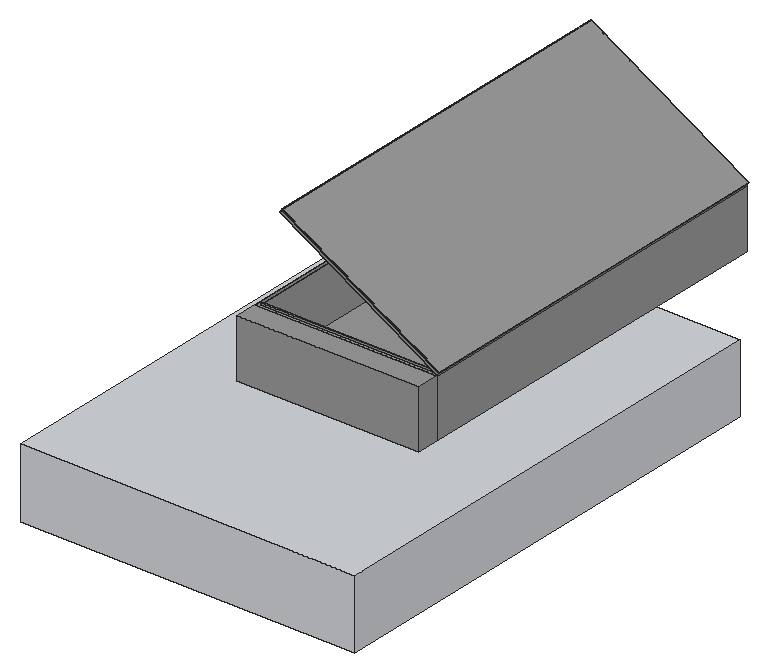
Revit family "Hager-Univers-IP55-D275-H1800-Cl.II-Steel_encl-NoHosted-AT-de", category Equipement électrique, Revit 2020
Family settings
  Hôte = Face
  Configuration du panneau = Deux colonnes, circuits au sein
  Cote de connecteur circulaire = Utiliser le diamètre
  Type d'élément = Tableau de raccordement
  Couper avec des vides une fois chargée = Non
  Partagée = Non
  Point de calcul de pièce = Non
Parameters (values of type "Bodenaufstellung IP55 B800 H1800 T275  - FR13S1")
  Width Control [instance] = if([EF000008 - Breite] > Min Width, [EF000008 - Breite], Min Width)  # 800 mm
  Commentaires du type = [HG000003 - Bereich]  # "Univers"
  Thickness Door [instance] = if([EF009171 - Materialstärke Tür/Deckel] > 3 mm, 3 mm, [EF009171 - Materialstärke Tür/Deckel])  # 1.5 mm
  Seal Frame Offset [instance] = 17 mm  # constant formula
  Plinth Visibility [instance] = [HG000027 - Sockelhöhe] > 0 mm  # yes
  Model = ""
  Min Width [instance] = 100 mm  # constant formula
  Min Height [instance] = 100 mm  # constant formula
  Min Depth [instance] = (2 * [EF009170 - Materialstärke Gehäuse]) + 1 mm  # 4 mm
  Internal Frame Depth [instance] = (Door System Depth * 0.5)  # 9 mm
  Height Control [instance] = if([EF000040 - Höhe] > Min Height, [EF000040 - Höhe], Min Height)  # 1800 mm
  HG000027 - Sockelhöhe = 100 mm
  HG000026 - Stehend auf dem Boden = yes
  HG000024 - Höhe des unteren Teils = 800 mm
  HG000023 - Gehäuse mit doppeltem Querschnitt = no
  HG000016 - 3D-Türsichtbarkeit [instance] = yes
  HG000015 - Sichtbarkeit der Türöffnung [instance] = no
  HG000014 - Tür rechts [instance] = yes
  HG000013 - Tür links [instance] = not([HG000014 - Tür rechts])  # no
  HG000012 - Türschwenkwinkel [instance] = 30.00°
  HG000010 - Asymmetrische Türen = no
  HG000009 - Doppelflügeligen Tür = no
  HG000006 - Unterputz = no
  HG000004 - Herstellerreferenz = "FR13S1"
  HG000003 - Bereich = "Univers"
  HG000002 - Mit tür = yes
  Frame Offset Bottom [instance] = 10 mm  # constant formula
  Frame Offset [instance] = 15 mm  # constant formula
  EF015940 - Deckel mit Überdruckentlastung = no
  EF011959 - Schutzart (NEMA) = ""
  EF009554 - Anzahl der Öffnungen für Flanschplatten = 6
  Fabricant = "Hager"  # constant formula
  EF009212 - Ausführung Deckel = "EV000116 - geschlossen"
  EF009171 - Materialstärke Tür/Deckel = 1.5 mm
  EF009170 - Materialstärke Gehäuse = 1.5 mm
  EF008873 - Nennstrom (In) = 800 A
  EF007800 - Geeignet für Blitzschutz = no
  EF006306 - Mit Schloss = no
  EF006244 - Transparenter Deckel/Tür = no
  EF005474 - Schutzart (IP) = "EV006420 - IP55"
  EF004464 - Art der Tür = "EV002646 - Einzel"
  EF004427 - Anzahl der Module = 396
  EF004293 - Schlagfestigkeit = "EV008784 - IK10"
  EF003532 - Geeignet für Außengebrauch = no
  EF002950 - Breite in Teilungseinheiten = 24
  EF001613 - Funktionserhalt = "EV000494 - ohne"
  EF001596 - Werkstoff des Gehäuses = "EV000179 - Stahl"
  EF001131 - Innentiefe = 275 mm
  EF001088 - Anbaumöglichkeit = yes
  EF000437 - Anzahl der Leitungseinführungen = 6
  EF000339 - Art der Abdeckung = "EV004216 - Tür"
  EF000266 - Anzahl der Reihen = 11
  EF000218 - Einbautiefe = 0 mm
  EF000118 - Mit Montageplatte = no
  EF000116 - RAL-Nummer = "7035"
  EF000049 - Tiefe = 275 mm
  EF000040 - Höhe = 1800 mm
  EF000008 - Breite = 800 mm
  EF000007 - Farbe = "EV000270 - grau"
  EF000003 - Montageart = "EV012274 - Bodenaufstellung"
  Door System Leaf Tolerance [instance] = 1.5 mm  # constant formula
  Door System Depth [instance] = 18 mm  # constant formula
  Door Height [instance] = Height Control - [HG000027 - Sockelhöhe]  # 1700 mm
  Depth Control [instance] = if([EF000049 - Tiefe] > Min Depth, [EF000049 - Tiefe], Min Depth)  # 275 mm
  Default Elevation = 0 mm
  Connector Offset [instance] = Height Control / 2  # 900 mm
  Bottom Top Plate Trim [instance] = 1.5 mm  # constant formula
  Plinth height Ctrl [instance] = if([HG000027 - Sockelhöhe] > 0 mm, [HG000027 - Sockelhöhe], 12 mm)  # 100 mm
Types (5, lengths in mm): name | Width Control | HG000010 - Asymmetrische Türen | HG000009 - Doppelflügeligen Tür | HG000004 - Herstellerreferenz | EF009554 - Anzahl der Öffnungen für Flanschplatten | EF004464 - Art der Tür | EF004427 - Anzahl der Module | EF000437 - Anzahl der Leitungseinführungen | EF000008 - Breite
  Bodenaufstellung IP55 B1050 H1800 T275  - FR14S1 | 1050 | yes | yes | "FR14S1" | 8 | "EV003602 - Doppel" | 528 | 8 | 1050
  Bodenaufstellung IP55 B1300 H1800 T275  - FR15S1 | 1300 | yes | yes | "FR15S1" | 10 | "EV003602 - Doppel" | 660 | 10 | 1300
  Bodenaufstellung IP55 B300 H1800 T275  - FR11S1 | 300 | no | no | "FR11S1" | 2 | "EV002646 - Einzel" | 132 | 2 | 300
  Bodenaufstellung IP55 B550 H1800 T275  - FR12S1 | 550 | no | no | "FR12S1" | 4 | "EV002646 - Einzel" | 264 | 4 | 550
  Bodenaufstellung IP55 B800 H1800 T275  - FR13S1 | 800 | no | no | "FR13S1" | 6 | "EV002646 - Einzel" | 396 | 6 | 800
Reference planes
  plane 1 "Center (Front/Back)": y = 0
  plane 2: z = 0
  plane 3 "Center (Left/Right)": x = 0
  plane 4: z = 275
  plane 5: y = 101.5
  plane 6: y = 950
  plane 7: y = 100
  plane 8: y = 1800
  plane 9: z = 0
  plane 10: x = -385
  plane 11: x = 385
  plane 12: x = 383.5
  plane 13: x = -383.5
  plane 14: y = 1798.5
  plane 15: x = -383
  plane 16: x = -400
  plane 17: x = 383
  plane 18: x = 400
  plane 19: x = 398.5
  plane 20: x = -398.5
  plane 21: y = 111.5
  plane 22: y = 1800
  plane 23: y = 1783.5
  plane 24: z = 257
  plane 25: z = 1.5
  plane 26: z = 255.5
  plane 27: z = 273.5
Forms (mm)
  Extrusion 1, solid
    sketch origin (0, 0, 0) x (1, 0, 0) y (0, 1, 0)
      loop
        line (-702.964, 1305) -> (-702.964, -811.445) -> (766.763, -811.445) -> (766.763, 1305) -> (-702.964, 1305)
    from 0 to -304.8
  Extrusion 2, solid, material "Hager_Steel_RAL7035_Light_Grey", visible <- "Plinth Visibility", detail levels medium+fine
    sketch origin (0, 0, 0) x (1, 0, 0) y (0, 1, 0)
      loop
        line (-400, 0) -> (400, 0) -> (400, 100) -> (-400, 100) -> (-400, 0)
    from 0 to 257
  Extrusion 3, solid, material "Hager_Steel_RAL7035_Light_Grey", detail levels medium+fine
    sketch origin (0, 0, 0) x (1, 0, 0) y (0, 1, 0)
      loop
        line (-400, 100) -> (400, 100) -> (400, 1800) -> (-400, 1800) -> (-400, 100)
    from 0 to 257
  Extrusion 4, void
    sketch origin (0, 0, 0) x (1, 0, 0) y (0, 1, 0)
      loop
        line (-398.5, 101.5) -> (398.5, 101.5) -> (398.5, 1798.5) -> (-398.5, 1798.5) -> (-398.5, 101.5)
    from 1.5 to 255.5
  Extrusion 5, void
    sketch origin (-381.607, -4572, 257) x (0, -1, 0) y (-1, 0, 0)
      loop
        line (-4683.5, 1.893) -> (-6355.5, 1.893) -> (-6355.5, -765.107) -> (-4683.5, -765.107) -> (-4683.5, 1.893)
    from 0 to 1.5 <- "EF009170 - Materialstärke Gehäuse"
  Extrusion 6, solid, material "Hager_Steel_RAL7035_Light_Grey", detail levels fine
    sketch origin (0, 0, 257) x (1, 0, 0) y (0, 1, 0)
      loop
        line (-383.5, 1783.5) -> (-383.5, 111.5) -> (383.5, 111.5) -> (383.5, 1783.5) -> (-383.5, 1783.5)
      loop
        line (-385, 110) -> (385, 110) -> (385, 1785) -> (-385, 1785) -> (-385, 110)
    from 0 to 9 <- "Internal Frame Depth"
  Extrusion 7, solid, material "Hager_Steel_RAL7035_Light_Grey", detail levels coarse
    sketch origin (0, 0, 0) x (1, 0, 0) y (0, 1, 0)
      loop
        line (-400, 0) -> (400, 0) -> (400, 1800) -> (-400, 1800) -> (-400, 0)
    from 0 to 275
  Sweep 8, void
    path in 3D
      loop
        line (-400, 100, 0) -> (400, 100, 0) -> (400, 100, 257) -> (-400, 100, 257) -> (-400, 100, 0)
    profile origin (-400, 100, 128.5) x (-1, 0, 0) y (0, -1, 0)
      loop
        line (0, 0) -> (0, 1.5) -> (-1.5, 1.5)
        arc (-1.5, 1.5) -> (-1.061, 0.439) -> (0, 0) r 1.5
Cuts and joins
  Extrusion 4, Extrusion 5 cuts Extrusion 3
  Sweep 8 cuts Extrusion 2
Lines and regions (mm)
  Masking region 1
    outline origin (0, 0, 0) x (1, 0, 0) y (0, 0, 1)
      loop
        line (-400, 275) -> (-400, 0) -> (400, 0) -> (400, 275) -> (-400, 275)
  Masking region 2, detail levels medium+fine
    outline origin (0, 140, 0) x (0, 1, 0) y (0, 0, 1)
      loop
        line (-40, 0) -> (1660, 0) -> (1660, 257) -> (-40, 257) -> (-40, 0)
  Masking region 3, not visible, detail levels medium+fine
    outline origin (0, 297.922, 0) x (0, 1, 0) y (0, 0, 1)
      loop
        line (663.578, 0) -> (703.578, 0) -> (703.578, 263.5)
        arc (703.578, 263.5) -> (700.649, 270.571) -> (693.578, 273.5) r 10
        line (693.578, 273.5) -> (663.578, 273.5) -> (663.578, 0)
  Masking region 4, detail levels coarse
    outline origin (0, 0, 180) x (0, 1, 0) y (0, 0, 1)
      loop
        line (0, -180) -> (1800, -180) -> (1800, 95) -> (0, 95) -> (0, -180)
  Masking region 5, visible <- "Plinth Visibility", detail levels medium+fine
    outline origin (0, 52.24, 12.345) x (0, 0, -1) y (0, 1, 0)
      loop
        line (10.845, 47.76) -> (-243.155, 47.76)
        arc (-243.155, 47.76) -> (-243.594, 46.699) -> (-244.655, 46.26) r 1.5
        line (-244.655, 46.26) -> (-244.655, -52.24) -> (12.345, -52.24) -> (12.345, 46.26)
        arc (12.345, 46.26) -> (11.285, 46.699) -> (10.845, 47.76) r 1.5
  Masking region 6, detail levels medium+fine
    outline origin (-381.607, -4572, 257) x (-1, 0, 0) y (0, -1, 0)
      loop
        line (18.393, -6372) -> (18.393, -4672) -> (-781.607, -4672) -> (-781.607, -6372) -> (18.393, -6372)
  Masking region 7, visible <- "Plinth Visibility", detail levels medium+fine
    outline origin (-381.607, -4727, 257) x (-1, 0, 0) y (0, -1, 0)
      loop
        arc (16.893, -4827) -> (17.332, -4825.939) -> (18.393, -4825.5) r 1.5
        line (18.393, -4825.5) -> (18.393, -4727) -> (-781.607, -4727) -> (-781.607, -4825.5)
        arc (-781.607, -4825.5) -> (-780.546, -4825.939) -> (-780.107, -4827) r 1.5
        line (-780.107, -4827) -> (16.893, -4827)
  Masking region 8, detail levels coarse
    outline origin (-442.548, -4669.526, 257) x (-1, 0, 0) y (0, -1, 0)
      loop
        line (-42.548, -6469.526) -> (-42.548, -4669.526) -> (-842.548, -4669.526) -> (-842.548, -6469.526) -> (-42.548, -6469.526)
  sketch lines
    curve 1: line (-400, 100, 257) -> (-400, 100, 0)
    curve 2: line (400, 100, 257) -> (-400, 100, 257)
    curve 3: line (400, 100, 257) -> (400, 100, 0)
    curve 4: line (-400, 100, 0) -> (400, 100, 0)
Dimensions and locks
  "Depth Control": plane 4 to Extrusion 1
  "HG000027 - Sockelhöhe": plane 1 "Center (Front/Back)" to plane 7
  "EF009170 - Materialstärke Gehäuse": plane 5 to plane 7
  locked: connector elem to plane 3 "Center (Left/Right)"
  equal spacing: plane 8, plane 6, plane 7
  locked: connector elem to plane 6
  "EF009170 - Materialstärke Gehäuse": plane 8 to plane 14
  "EF009170 - Materialstärke Gehäuse": plane 10 to plane 13
  "EF009170 - Materialstärke Gehäuse": plane 12 to plane 11
  "Frame Offset": plane 20 to plane 13
  "Frame Offset": plane 12 to plane 19
  "EF009170 - Materialstärke Gehäuse": plane 16 to plane 20
  "EF009170 - Materialstärke Gehäuse": plane 19 to plane 18
  "Seal Frame Offset": plane 16 to plane 15
  "Seal Frame Offset": plane 17 to plane 18
  "Frame Offset Bottom": plane 21 to plane 5
  "Frame Offset": plane 14 to plane 23
  equal spacing: plane 16, plane 3 "Center (Left/Right)", plane 18
  "Width Control": plane 16 to plane 18
  "EF009170 - Materialstärke Gehäuse": plane 4 to plane 27
  "EF009170 - Materialstärke Gehäuse": plane 24 to plane 26
  "EF009170 - Materialstärke Gehäuse": plane 25 to level
  "Door System Depth": plane 4 to plane 24
  "Height Control": plane 1 "Center (Front/Back)" to Extrusion 7 sketch curve
  "Height Control": Masking region 4 sketch curve to plane 1 "Center (Front/Back)"
  "Height Control": plane 1 "Center (Front/Back)" to plane 22
  "Bottom Top Plate Trim": profile plane to Sweep 8 sketch curve
  "Bottom Top Plate Trim": Sweep 8 sketch curve to profile plane
  "Plinth height Ctrl": plane 1 "Center (Front/Back)" to Extrusion 2 sketch curve
  "Plinth height Ctrl": Masking region 5 sketch curve to plane 1 "Center (Front/Back)"
  "Plinth height Ctrl": plane 1 "Center (Front/Back)" to Masking region 7 sketch curve
  "Thickness Door": Extrusion 6 sketch curve to Extrusion 6 sketch curve  (x3)
  "Thickness Door": cut or joined group of Extrusion 3, Extrusion 4, Extrusion 5 to Extrusion 6 sketch curve
  radius of Masking region 3 sketch curve = 10 mm
  "Bottom Top Plate Trim": radius of Masking region 5 sketch curve  (x2)
  "Bottom Top Plate Trim": radius of Sweep 8 sketch curve
  "Bottom Top Plate Trim": radius of Masking region 7 sketch curve  (x2)
  aligned and locked: plane 2 to Extrusion 1
  aligned and locked: level to Extrusion 1
  aligned and locked: level to Masking region 1 sketch curve
  aligned and locked: Masking region 1 sketch curve to plane 18
  aligned and locked: Masking region 1 sketch curve to plane 16
  aligned and locked: plane 7 to Masking region 2 sketch curve
  aligned and locked: level to Masking region 3 sketch curve
  aligned and locked: Masking region 3 sketch curve to plane 27
  aligned and locked: level to Masking region 2 sketch curve
  aligned and locked: plane 1 "Center (Front/Back)" to Extrusion 2 sketch curve
  aligned and locked: Extrusion 3 sketch curve to plane 7
  aligned and locked: plane 16 to Extrusion 3 sketch curve
  aligned and locked: plane 18 to Extrusion 3 sketch curve
  aligned and locked: plane 20 to Extrusion 4 sketch curve
  aligned and locked: plane 19 to Extrusion 4 sketch curve
  aligned and locked: Extrusion 4 sketch curve to plane 5
  aligned and locked: Extrusion 4 to plane 25
  aligned and locked: plane 26 to Extrusion 4
  aligned and locked: plane 24 to Extrusion 3
  aligned and locked: Extrusion 5 sketch curve to plane 21
  aligned and locked: Extrusion 5 sketch curve to plane 13
  aligned and locked: Extrusion 5 sketch curve to plane 12
  aligned and locked: plane 18 to Extrusion 7 sketch curve
  aligned and locked: plane 1 "Center (Front/Back)" to Extrusion 7 sketch curve
  aligned and locked: plane 16 to Extrusion 7 sketch curve
  aligned and locked: plane 4 to Extrusion 7
  aligned and locked: Extrusion 7 to level
  aligned and locked: level to Masking region 4 sketch curve
  aligned and locked: Masking region 4 sketch curve to plane 1 "Center (Front/Back)"
  aligned and locked: Masking region 4 sketch curve to plane 4
  aligned and locked: nested 1 to level
  aligned and locked: nested 1 to plane 16
  aligned and locked: plane 8 to Extrusion 3 sketch curve
  aligned and locked: plane 23 to Extrusion 5 sketch curve
  aligned and locked: plane 14 to Extrusion 4 sketch curve
  aligned and locked: Masking region 2 sketch curve to plane 8
  aligned and locked: level to Masking region 5 sketch curve
  aligned and locked: plane 16 to Extrusion 2 sketch curve
  aligned and locked: plane 18 to Extrusion 2 sketch curve
  aligned and locked: Masking region 5 sketch curve to plane 24
  aligned and locked: Masking region 2 sketch curve to plane 24
  aligned and locked: plane 24 to Extrusion 2
  aligned and locked: profile plane to Sweep 8 sketch curve  (x2)
  aligned and locked: Masking region 6 sketch curve to plane 18
  aligned and locked: Masking region 6 sketch curve to plane 22
  aligned and locked: Masking region 6 sketch curve to plane 16
  aligned and locked: plane 8 to plane 22
  aligned and locked: Masking region 6 sketch curve to plane 7
  aligned and locked: Masking region 7 sketch curve to plane 16
  aligned and locked: Masking region 7 sketch curve to plane 1 "Center (Front/Back)"
  aligned and locked: Masking region 7 sketch curve to plane 18
  aligned and locked: Masking region 8 sketch curve to plane 1 "Center (Front/Back)"
  aligned and locked: Masking region 8 sketch curve to plane 18
  aligned and locked: Masking region 8 sketch curve to plane 22
  aligned and locked: Masking region 8 sketch curve to plane 16
  aligned and locked: nested 2 to plane 7
  aligned and locked: plane 3 "Center (Left/Right)" to nested 2
  aligned and locked: nested 2 to plane 24
  aligned and locked: Extrusion 6 sketch curve to cut or joined group of Extrusion 3, Extrusion 4, Extrusion 5  (x4)
Automatic sketch dimensions
  Extrusion 1 sketch curve to Extrusion 1 sketch curve = 1469.727 mm
  Extrusion 1 sketch curve to Extrusion 1 sketch curve = 2116.445 mm
  Masking region 1 sketch curve to plane 4 = 0 mm
  plane 6 to Masking region 3 sketch curve = 11.5 mm
  Masking region 3 sketch curve to Masking region 3 sketch curve = 30 mm
  Masking region 5 sketch curve to plane 1 "Center (Front/Back)" = 0 mm
Nested families
  nested 1: "Hager_Enclosure_Symbol" at (-400, 0, 0) x (1, 0, 0) z (0, -1, 0), Height <- "Depth Control", Width <- "Width Control", type "Hager_Enclosure_Symbol"
    with Width_Ctrl 800 mm, Width 800 mm, Height_Ctrl 275 mm, Height 275 mm, A_Width_Int 18.047 mm, A_Width 216.562 mm, A_Height_Ctrl 240.625 mm, A_Height 240.625 mm
  nested 2: "EC000058_Univers_Door" at (0, 100, 257) x (1, 0, 0) z (0, 1, 0), Leaf_Tolerance <- "Door System Leaf Tolerance", Angle <- "HG000012 - Türschwenkwinkel", Door_Depth <- "Door System Depth", Door_Left <- "HG000013 - Tür links", Transparent <- "EF006244 - Transparenter Deckel/Tür", Assymetrical <- "HG000010 - Asymmetrische Türen", Width <- "Width Control", Clearance <- "HG000015 - Sichtbarkeit der Türöffnung", Double <- "HG000009 - Doppelflügeligen Tür", 3d_Door <- "HG000016 - 3D-Türsichtbarkeit", Lock_Visibility <- "EF006306 - Mit Schloss", Width_Ctrl <- "Width Control", Door_Right <- "HG000014 - Tür rechts", Door <- "HG000002 - Mit tür", Height <- "Door Height", Thickness <- "Thickness Door", type "EC000058_Univers_Door", detail levels medium+fine
    with min_wh 4 mm, Width_Ctrl 800 mm, Width 800 mm, Transparent no, Thickness 1.5 mm, Seal_Material Hager_Rubber, Lock_Visibility no, Lock_Material Hager_Plastic_RAL9005_Jet_Black, Leaf_Width 800 mm, Leaf_Tolerance_External_Sides 0 mm, Leaf_Tolerance 1.5 mm, Leaf_Offset 0 mm, Leaf_Height 1697 mm, Leaf_2_Width 800 mm, Leaf_2_Offset 400 mm, Leaf_1_Width 800 mm, Leaf_1_Offset 400 mm, Height_Ctrl 1700 mm, Height 1700 mm, Glass_Material Hager_Glass, Double_Clearance_Ctrl no, Double no, Door_Right_Ctrl yes, Door_Right yes, Door_Material Hager_Steel_RAL7035_Light_Grey, Door_Left_Ctrl no, Door_Left no, Door_Depth 18 mm, Door yes, Clearance_Material Hager_Clearance, Clearance_Depth 800 mm, Clearance_Ctrl no, Clearance no, Assymetrical no, Angle 30.00°, 3d_Door yes
Connectors
  electrical at (0, 950, 0)
    settings: on plane 9, index 1, voltage 0 V, apparent load 0 VA, apparent load phase1 0 VA, apparent load phase2 0 VA, apparent load phase3 0 VA, power factor 1, load classification "Other", number of poles 1, system type 30, power factor state 1, is connector primary yes, connector utility no, sub classification motor no, connector description ""
Definition of nested family "EC000058_Univers_Door"
  Parameters (values of type "EC000058_Univers_Door")
    min_wh [instance] = (2 * Thickness) + 1 mm  # 11 mm
    Width_Ctrl [instance] = 400 mm
    Width [instance] = 500 mm
    Transparent [instance] = yes
    Thickness [instance] = 5 mm
    Seal_Material [instance] = none
    Lock_Visibility [instance] = yes
    Lock_Material [instance] = none
    Leaf_Width [instance] = if((Width_Ctrl - 2 * Leaf_Tolerance_External_Sides) > 0 mm, (Width_Ctrl - 2 * Leaf_Tolerance_External_Sides), min_wh)  # 400 mm
    Leaf_Tolerance_External_Sides [instance] = 0 mm  # constant formula
    Leaf_Tolerance [instance] = 1.5 mm
    Leaf_Offset [instance] = 0 mm  # constant formula
    Leaf_Height [instance] = if((Height_Ctrl - 2 * Leaf_Tolerance) > 0 mm, (Height_Ctrl - 2 * Leaf_Tolerance), min_wh)  # 497 mm
    Leaf_2_Width [instance] = if(and(and(Double, Assymetrical), Door_Left), (Leaf_Width / 3) - (Leaf_Tolerance / 2), if(and(and(Double, Assymetrical), Door_Right), (Leaf_Width / 3) * 2 - (Leaf_Tolerance / 2), if(and(Double, not(Assymetrical)), (Leaf_Width / 2) - Leaf_Tolerance, Leaf_Width)))  # 400 mm
    Leaf_2_Offset [instance] = if(and(Double, Assymetrical), Leaf_2_Width / 2, if(and(Double, not(Assymetrical)), Leaf_Width / 4, Leaf_Width / 2))  # 200 mm
    Leaf_1_Width [instance] = if(and(and(Double, Assymetrical), Door_Right), (Leaf_Width / 3) - (Leaf_Tolerance / 2), if(and(and(Double, Assymetrical), Door_Left), (Width / 3) * 2 - (Leaf_Tolerance / 2), if(and(Double, not(Assymetrical)), (Leaf_Width / 2) - Leaf_Tolerance, Leaf_Width)))  # 400 mm
    Leaf_1_Offset [instance] = if(and(Double, Assymetrical), Leaf_1_Width / 2, if(and(Double, not(Assymetrical)), Leaf_Width / 4, Leaf_Width / 2))  # 200 mm
    Height_Ctrl [instance] = if(Height > min_wh, Height, min_wh)  # 500 mm
    Height [instance] = 500 mm
    Glass_Material [instance] = none
    Double_Clearance_Ctrl [instance] = and(Double, Clearance)  # no
    Double [instance] = no
    Door_Right_Ctrl [instance] = and(or(Door_Right, Double), Door)  # yes
    Door_Right [instance] = yes
    Door_Material [instance] = none
    Door_Left_Ctrl [instance] = and(or(Door_Left, Double), Door)  # no
    Door_Left [instance] = no
    Door_Depth [instance] = 30 mm
    Door [instance] = yes
    Default Elevation = 1219.2 mm
    Clearance_Material [instance] = none
    Clearance_Depth [instance] = if(Leaf_1_Width > Leaf_2_Width, Leaf_1_Width, Leaf_2_Width)  # 400 mm
    Clearance_Ctrl [instance] = and(not(Double), Clearance)  # yes
    Clearance [instance] = yes
    Assymetrical [instance] = yes
    Angle [instance] = 30.00°
    3d_Door [instance] = yes
  Reference planes
    plane 1 "Center (Front/Back)": y = 0
    plane 2 "Bottom": z = 0
    plane 3 "Center (Left/Right)": x = 0
    plane 4: z = 500
    plane 5: x = -200
    plane 6: x = 200
    plane 7: z = 500
    plane 8: x = -200
    plane 9: z = 0
    plane 10: x = 200
    plane 11: y = 0
    plane 12: z = 1.5
    plane 13: x = -600
    plane 14: y = -400
    plane 15: x = 600
    plane 16: x = 0
    plane 17: x = 0
    plane 18: x = -200
    plane 19: x = 200
    plane 20: z = 498.5
  Forms (mm)
    Extrusion 1, solid, material <- "Clearance_Material", visible <- "Double_Clearance_Ctrl"
      sketch origin (1200, 0, 0) x (1, 0, 0) y (0, 0, -1)
        loop
          line (-1800, -498.5) -> (-600, -498.5) -> (-600, 0) -> (-1800, 0) -> (-1800, -498.5)
      from 0 to -400
  Dimensions and locks
    equal spacing: plane 5, plane 3 "Center (Left/Right)", plane 6
    "Width_Ctrl": plane 5 to plane 6
    "Leaf_Offset": plane 5 to plane 8
    "Leaf_Offset": plane 6 to plane 10
    "Leaf_Offset": plane 9 to level
    "Leaf_Offset": plane 4 to plane 7
    "Height_Ctrl": plane 4 to level
    "Leaf_Tolerance": plane 12 to plane 9
    locked: plane 11 to plane 1 "Center (Front/Back)"
    "Leaf_1_Offset": plane 18 to plane 16
    "Leaf_2_Offset": plane 17 to plane 19
    "Leaf_1_Width": plane 13 to plane 8
    "Leaf_2_Width": plane 10 to plane 15
    "Clearance_Depth": plane 14 to plane 1 "Center (Front/Back)"
    "Leaf_Tolerance_External_Sides": plane 8 to plane 18
    "Leaf_Tolerance_External_Sides": plane 19 to plane 10
    "Leaf_Tolerance": plane 7 to plane 20
    aligned and locked: level to plane 2 "Bottom"
    aligned and locked: nested 1 to plane 16
    aligned and locked: nested 2 to plane 17
    aligned and locked: Extrusion 1 to plane 13
    aligned and locked: plane 15 to Extrusion 1
    aligned and locked: Extrusion 1 to plane 14
    aligned and locked: plane 12 to nested 1
    aligned and locked: nested 2 to plane 12
    aligned and locked: Extrusion 1 to plane 11
    aligned and locked: plane 20 to Extrusion 1
    aligned and locked: nested 2 to plane 11
    aligned and locked: nested 1 to plane 11
  Automatic sketch dimensions
    Extrusion 1 sketch curve to level = 0 mm
    plane 5 to Extrusion 1 sketch curve = 400 mm
    plane 6 to Extrusion 1 sketch curve = 400 mm
    Extrusion 1 sketch curve to plane 4 = 1.5 mm
  Nested families
    nested 1: "EC000058_Univers_Door_Leaf" at (0, 0, 1.5), Width <- "Leaf_1_Width", visible <- "Door_Left_Ctrl", Leaf_Height <- "Leaf_Height", Angle <- "Angle", 3d_Door <- "3d_Door", Transparent <- "Transparent", Clearance Material <- "Clearance_Material", Clearance <- "Clearance_Ctrl", Door_Material <- "Door_Material", Glass_Material <- "Glass_Material", Door_Depth <- "Door_Depth", Lock_Material <- "Lock_Material", Seal_Material <- "Seal_Material", Lock_Visibility <- "Lock_Visibility", Thickness <- "Thickness", type "EC000058_Univers_Door_Leaf"
      with Width 400 mm, Transparent_Glass_Offset 30 mm, Transparent_Ctrl yes, Transparent yes, Thickness 5 mm, Standard no, Seal_Material none, Seal_D2 8 mm, Seal_D1 1 mm, Offset_Internal_Frame 10 mm, Lock_Width 20 mm, Lock_Visibility_3d yes, Lock_Visibility yes, Lock_Thickness_3 3 mm, Lock_Thickness_2 1 mm, Lock_Thickness_1 3 mm, Lock_Radius_Offset_2 16 mm, Lock_Radius_Offset_1 15 mm, Lock_Radius_2 5 mm, Lock_Radius 6 mm, Lock_Offset 5 mm, Lock_Material none, Lock_Height 80 mm, Lock_Cover_Top_Offset_2d 17 mm, Lock_Cover_Height -65 mm, Leaf_Height 497 mm, Internal_Seal_Thickness 8 mm, Internal_Seal_Depth_2 4.5 mm, Internal_Frame_Depth 25 mm, Glass_Thickness -1 mm, Glass_Offset -2 mm, Glass_Material none, Door_Material none, Door_Depth 30 mm, Clearance Material none, Clearance yes, Angle_Ctrl 30.00°, Angle 30.00°, 3d_Door yes
    nested 2: "EC000058_Univers_Door_Leaf" at (0, 0, 1.5) x (-1, 0, 0) z (0, 0, 1), Width <- "Leaf_2_Width", visible <- "Door_Right_Ctrl", Leaf_Height <- "Leaf_Height", Angle <- "Angle", 3d_Door <- "3d_Door", Transparent <- "Transparent", Clearance Material <- "Clearance_Material", Clearance <- "Clearance_Ctrl", Door_Material <- "Door_Material", Glass_Material <- "Glass_Material", Door_Depth <- "Door_Depth", Lock_Material <- "Lock_Material", Seal_Material <- "Seal_Material", Lock_Visibility <- "Lock_Visibility", Thickness <- "Thickness", type "EC000058_Univers_Door_Leaf"
      with Width 400 mm, Transparent_Glass_Offset 30 mm, Transparent_Ctrl yes, Transparent yes, Thickness 5 mm, Standard no, Seal_Material none, Seal_D2 8 mm, Seal_D1 1 mm, Offset_Internal_Frame 10 mm, Lock_Width 20 mm, Lock_Visibility_3d yes, Lock_Visibility yes, Lock_Thickness_3 3 mm, Lock_Thickness_2 1 mm, Lock_Thickness_1 3 mm, Lock_Radius_Offset_2 16 mm, Lock_Radius_Offset_1 15 mm, Lock_Radius_2 5 mm, Lock_Radius 6 mm, Lock_Offset 5 mm, Lock_Material none, Lock_Height 80 mm, Lock_Cover_Top_Offset_2d 17 mm, Lock_Cover_Height -65 mm, Leaf_Height 497 mm, Internal_Seal_Thickness 8 mm, Internal_Seal_Depth_2 4.5 mm, Internal_Frame_Depth 25 mm, Glass_Thickness -1 mm, Glass_Offset -2 mm, Glass_Material none, Door_Material none, Door_Depth 30 mm, Clearance Material none, Clearance yes, Angle_Ctrl 30.00°, Angle 30.00°, 3d_Door yes
  Definition of nested family "EC000058_Univers_Door_Leaf"
    Parameters (values of type "EC000058_Univers_Door_Leaf")
      Width [instance] = 2000 mm
      Transparent_Glass_Offset [instance] = 30 mm
      Transparent_Ctrl [instance] = and(Transparent, [3d_Door])  # yes
      Transparent [instance] = yes
      Thickness [instance] = 5 mm
      Standard [instance] = and(not(Transparent), [3d_Door])  # no
      Seal_Material [instance] = none
      Seal_D2 [instance] = 8 mm  # constant formula
      Seal_D1 [instance] = 1 mm  # constant formula
      Offset_Internal_Frame [instance] = 10 mm  # constant formula
      Lock_Width [instance] = 20 mm  # constant formula
      Lock_Visibility_3d [instance] = and(Lock_Visibility, [3d_Door])  # yes
      Lock_Visibility [instance] = yes
      Lock_Thickness_3 [instance] = 3 mm  # constant formula
      Lock_Thickness_2 [instance] = 1 mm  # constant formula
      Lock_Thickness_1 [instance] = 3 mm  # constant formula
      Lock_Radius_Offset_2 [instance] = Lock_Radius_Offset_1 + 1 mm  # 16 mm
      Lock_Radius_Offset_1 [instance] = 15 mm  # constant formula
      Lock_Radius_2 [instance] = Lock_Radius - 1 mm  # 5 mm
      Lock_Radius [instance] = 6 mm  # constant formula
      Lock_Offset [instance] = 5 mm  # constant formula
      Lock_Material [instance] = none
      Lock_Height [instance] = 80 mm  # constant formula
      Lock_Cover_Top_Offset_2d [instance] = Lock_Radius_Offset_2 + 1 mm  # 17 mm
      Lock_Cover_Height [instance] = -(Lock_Height - Lock_Radius_Offset_1)  # -65 mm
      Leaf_Height [instance] = 2720.336 mm
      Internal_Seal_Thickness [instance] = 8 mm  # constant formula
      Internal_Seal_Depth_2 [instance] = 4.5 mm  # constant formula
      Internal_Frame_Depth [instance] = if(Door_Depth - Thickness > 5 mm, Door_Depth - Thickness, 5 mm)  # 25 mm
      Glass_Thickness [instance] = if(Thickness > 15 mm, Glass_Offset + 10 mm, -1 mm)  # -1 mm
      Glass_Offset [instance] = if(Thickness > 15 mm, -(Thickness + 10 mm) / 2, -2 mm)  # -2 mm
      Glass_Material [instance] = none
      Door_Material [instance] = none
      Door_Depth [instance] = 30 mm
      Default Elevation = 0 mm
      Clearance Material [instance] = none
      Clearance [instance] = yes
      Angle_Ctrl [instance] = if(Angle > 180.00°, 180.00°, Angle)  # 90.00°
      Angle [instance] = 90.00°
      3d_Door [instance] = yes
    Reference planes
      plane 1 "Center (Front/Back)": y = 0
      plane 2: z = 0
      plane 3 "Center (Left/Right)": x = 0
      plane 4: y = 2000
      plane 5: x = -1000
      plane 6: x = 1000
      plane 7: x = -3000
      plane 8: z = 2720.336
      plane 9: z = 30
      plane 10: z = 2690.336
      plane 11: x = 970
      plane 12: x = -970
      plane 13: y = -3
      plane 14: z = 107.833
      plane 15: y = -5
      plane 16: y = -223.314
      plane 17: x = -1000
      plane 18: z = 1360.168
      plane 19: y = 30
    Forms (mm)
      Extrusion 1, solid, material <- "Clearance Material", visible <- "Clearance"
        sketch origin (0, 0, 0) x (1, 0, 0) y (0, 0, 1)
          loop
            line (-3000, 2720.336) -> (-3000, 0) -> (1000, 0) -> (1000, 2720.336) -> (-3000, 2720.336)
        from 0 to -2000
      Extrusion 2, solid, material <- "Door_Material", visible <- "Standard", detail levels medium+fine
        sketch origin (-1000, 0, 0) x (0, 1, 0) y (-1, 0, 0)
          loop
            line (0, 30) -> (0, 25) -> (2000, 25) -> (2000, 30) -> (0, 30)
        from 0 to 2720.336 <- "Leaf_Height"
      Extrusion 3, solid, material <- "Door_Material", visible <- "Transparent_Ctrl", detail levels medium+fine
        sketch origin (-1000, 0, 0) x (0, 1, 0) y (-1, 0, 0)
          loop
            line (0, 25) -> (2000, 25) -> (2000, 30) -> (0, 30) -> (0, 25)
        from 0 to 2720.336 <- "Leaf_Height"
      Extrusion 4, void
        sketch origin (-1025, 2000, 0) x (0, 1, 0) y (0, 0, -1)
          loop
            line (-30, -2690.336) -> (-30, -30) -> (-1970, -30) -> (-1970, -2690.336) -> (-30, -2690.336)
        from 0 to 5 <- "Thickness"
      Sweep 5, solid, material <- "Seal_Material", visible <- "Transparent_Ctrl", detail levels fine
        path in 3D
          loop
            line (-1025, 30, 30) -> (-1025, 30, 2690.336) -> (-1025, 1970, 2690.336) -> (-1025, 1970, 30) -> (-1025, 30, 30)
        profile origin (-1025, 1000, 30) x (1, 0, 0) y (0, 0, 1)
          loop
            line (0, 0) -> (0, -8) -> (1, -8) -> (1, 0) -> (0, 0)
      Extrusion 6, solid, material <- "Glass_Material", visible <- "Transparent_Ctrl", detail levels medium+fine
        sketch origin (-1030, 0, 0) x (0, 1, 0) y (0, 0, -1)
          loop
            line (1970, -2690.336) -> (1970, -30) -> (30, -30) -> (30, -2690.336) -> (1970, -2690.336)
        from -2 <- "Glass_Offset" to -1 <- "Glass_Thickness"
      Extrusion 7, solid, material <- "Door_Material", visible <- "3d_Door", detail levels medium+fine
        sketch origin (-1025, 2000, 0) x (0, -1, 0) y (0, 0, -1)
          loop
            line (0, -2720.336) -> (2000, -2720.336) -> (2000, 0) -> (0, 0) -> (0, -2720.336)
          loop
            line (1995, -5) -> (5, -5) -> (5, -2715.336) -> (1995, -2715.336) -> (1995, -5)
        from 0 to 25 <- "Internal_Frame_Depth"
      Sweep 8, solid, material <- "Seal_Material", visible <- "Transparent_Ctrl", detail levels fine
        path in 3D
          loop
            line (-1025, 0, 0) -> (-1025, 2000, 0) -> (-1025, 2000, 2720.336) -> (-1025, 0, 2720.336) -> (-1025, 0, 0)
        profile origin (-1025, 0, 1360.168) x (1, 0, 0) y (0, 1, 0)
          loop
            line (0, 10) -> (2.975, 10)
            arc (2.975, 10) -> (4.053, 10.447) -> (4.5, 11.525) r 1.525
            line (4.5, 11.525) -> (4.5, 16.527)
            arc (4.5, 16.527) -> (4.069, 17.569) -> (3.027, 18) r 1.473
            line (3.027, 18) -> (0, 18) -> (0, 10)
      Extrusion 9, solid, material <- "Lock_Material", visible <- "Lock_Visibility_3d", detail levels fine
        sketch origin (-1030, 0, 0) x (0, 1, 0) y (0, 0, -1)
          loop
            arc (1993.5, -1400.168) -> (1994.561, -1399.729) -> (1995, -1398.668) r 1.5
            line (1995, -1398.668) -> (1995, -1320.168) -> (1975, -1320.168) -> (1975, -1398.668)
            arc (1975, -1398.668) -> (1975.439, -1399.729) -> (1976.5, -1400.168) r 1.5
            line (1976.5, -1400.168) -> (1993.5, -1400.168)
        from 3 <- "Lock_Thickness_1" to 0
      Blend 10, solid, material <- "Lock_Material", visible <- "Lock_Visibility_3d", detail levels fine
        base sketch origin (-1033, 0, 0) x (0, 1, 0) y (0, 0, -1)
          loop
            line (1975, -1320.168) -> (1975, -1398.668)
            arc (1975, -1398.668) -> (1975.439, -1399.729) -> (1976.5, -1400.168) r 1.5
            line (1976.5, -1400.168) -> (1993.5, -1400.168)
            arc (1993.5, -1400.168) -> (1994.561, -1399.729) -> (1995, -1398.668) r 1.5
            line (1995, -1398.668) -> (1995, -1320.168) -> (1975, -1320.168)
        top sketch origin (-1033, 0, 0) x (0, 1, 0) y (0, 0, -1)
          loop
            line (1976, -1320.168) -> (1976, -1398.668)
            arc (1976, -1398.668) -> (1976.146, -1399.022) -> (1976.5, -1399.168) r 0.5
            line (1976.5, -1399.168) -> (1993.5, -1399.168)
            arc (1993.5, -1399.168) -> (1993.854, -1399.022) -> (1994, -1398.668) r 0.5
            line (1994, -1398.668) -> (1994, -1320.168) -> (1976, -1320.168)
        from 0 to 1 <- "Lock_Thickness_2"
      Blend 11, solid, material <- "Lock_Material", visible <- "Lock_Visibility_3d", detail levels fine
        base sketch origin (-1034, 0, 0) x (0, 1, 0) y (0, 0, -1)
          loop
            line (1978, -1320.168) -> (1978, -1384.168)
            arc (1978, -1384.168) -> (1985, -1391.168) -> (1992, -1384.168) r 7
            line (1992, -1384.168) -> (1992, -1320.168) -> (1978, -1320.168)
        top sketch origin (-1034, 0, 0) x (0, 1, 0) y (0, 0, -1)
          loop
            line (1991, -1320.168) -> (1979, -1320.168) -> (1979, -1383.168)
            arc (1979, -1383.168) -> (1985, -1389.168) -> (1991, -1383.168) r 6
            line (1991, -1383.168) -> (1991, -1320.168)
        from 0 to 3 <- "Lock_Thickness_3"
      Extrusion 12, solid, material <- "Lock_Material", visible <- "Lock_Visibility_3d", detail levels fine
        sketch origin (-1030, 1975, 1320.168) x (1, 0, 0) y (0, -1, 0)
          loop
            line (-7, -19) -> (-7, -1) -> (0, -1) -> (0, 0) -> (-8, 0) -> (-8, -20) -> (0, -20) -> (0, -19) -> (-7, -19)
        from 0 to -65 <- "Lock_Cover_Height"
      Extrusion 13, void
        sketch origin (-1038, 1995, 1320.168) x (-1, 0, 0) y (0, 0, -1)
          loop
            line (-5, -65) -> (0, -65) -> (-5, -60) -> (-5, -65)
        from 0 to 20 <- "Lock_Width"
      Extrusion 14, void
        sketch origin (-1038, 1975, 1320.168) x (0, -1, 0) y (0, 0, -1)
          loop
            circle (-10, -15.995) r 6
          loop
            circle (-10, -15.995) r 5
        from 0 to 2
      Extrusion 15, solid, material <- "Lock_Material", visible <- "Lock_Visibility_3d", detail levels medium
        sketch origin (-1030, 0, 0) x (0, 1, 0) y (0, 0, -1)
          loop
            arc (1993.5, -1400.168) -> (1994.561, -1399.729) -> (1995, -1398.668) r 1.5
            line (1995, -1398.668) -> (1995, -1320.168) -> (1975, -1320.168) -> (1975, -1398.668)
            arc (1975, -1398.668) -> (1975.439, -1399.729) -> (1976.5, -1400.168) r 1.5
            line (1976.5, -1400.168) -> (1993.5, -1400.168)
        from 8 to 0
    Cuts and joins
      Extrusion 4 cuts Extrusion 3
      Extrusion 13, Extrusion 14 cuts Extrusion 9
      Extrusion 14 cuts Blend 11
      Extrusion 13, Extrusion 14 cuts Extrusion 12
      joined: Extrusion 9, Blend 10, Blend 11, Extrusion 12
      Extrusion 14 cuts Extrusion 15
    Lines and regions (mm)
      Masking region 1, visible <- "Lock_Visibility", detail levels fine
        outline origin (0, 0, 0) x (0, 1, 0) y (0, 0, 1)
          loop
            line (30, 1320.168) -> (33, 1320.168) -> (33, 1400.168) -> (30, 1400.168) -> (30, 1320.168)
      Masking region 2, visible <- "Lock_Visibility", detail levels fine
        outline origin (0, 3.143, 0) x (0, 1, 0) y (0, 0, 1)
          loop
            line (29.857, 1354.168) -> (30.857, 1354.168) -> (30.857, 1366.168) -> (29.857, 1366.168) -> (29.857, 1354.168)
      Masking region 3, detail levels medium+fine
        outline origin (0, 0, 0) x (0, 1, 0) y (0, 0, 1)
          loop
            line (0, 0) -> (30, 0) -> (30, 2720.336) -> (0, 2720.336) -> (0, 0)
      Masking region 4, detail levels medium+fine
        outline origin (0, 0, 0) x (1, 0, 0) y (0, 0, 1)
          loop
            line (-1000, 2720.336) -> (-1000, 0) -> (1000, 0) -> (1000, 2720.336) -> (-1000, 2720.336)
      Masking region 5, visible <- "Lock_Visibility", detail levels fine
        outline origin (-47.116, 0, 0) x (1, 0, 0) y (0, 0, 1)
          loop
            arc (1024.616, 1399.168) -> (1023.556, 1398.729) -> (1023.116, 1397.668) r 1.5
            line (1023.116, 1397.668) -> (1023.116, 1320.168) -> (1041.116, 1320.168) -> (1041.116, 1397.668)
            arc (1041.116, 1397.668) -> (1040.677, 1398.729) -> (1039.616, 1399.168) r 1.5
            line (1039.616, 1399.168) -> (1024.616, 1399.168)
      Masking region 6, visible <- "Lock_Visibility", detail levels medium+fine
        outline origin (-25, 0, 0) x (1, 0, 0) y (0, 0, 1)
          loop
            arc (1001.5, 1400.168) -> (1000.439, 1399.729) -> (1000, 1398.668) r 1.5
            line (1000, 1398.668) -> (1000, 1320.168) -> (1020, 1320.168) -> (1020, 1398.668)
            arc (1020, 1398.668) -> (1019.561, 1399.729) -> (1018.5, 1400.168) r 1.5
            line (1018.5, 1400.168) -> (1001.5, 1400.168)
      Masking region 7, visible <- "Lock_Visibility", detail levels fine
        outline origin (-73.735, 0, 0) x (1, 0, 0) y (0, 0, 1)
          loop
            line (1051.735, 1382.168) -> (1065.735, 1382.168) -> (1065.735, 1384.168)
            arc (1065.735, 1384.168) -> (1058.735, 1391.168) -> (1051.735, 1384.168) r 7
            line (1051.735, 1384.168) -> (1051.735, 1382.168)
      Masking region 8, visible <- "Lock_Visibility", detail levels fine
        outline origin (-73.735, 0, 0) x (1, 0, 0) y (0, 0, 1)
          loop
            line (1052.735, 1382.168) -> (1064.735, 1382.168) -> (1064.735, 1383.168)
            arc (1064.735, 1383.168) -> (1058.735, 1389.168) -> (1052.735, 1383.168) r 6
            line (1052.735, 1383.168) -> (1052.735, 1382.168)
      Masking region 9, visible <- "Lock_Visibility", detail levels fine
        outline origin (-25, 0, 0) x (1, 0, 0) y (0, 0, 1)
          loop
            line (1020, 1320.168) -> (1020, 1382.168) -> (1000, 1382.168) -> (1000, 1320.168) -> (1020, 1320.168)
      Masking region 10, detail levels medium+fine
        outline origin (0, 0, 0) x (1, 0, 0) y (0, 0, 1)
          loop
            circle (985, 1335.144) r 6
      Masking region 11, detail levels fine
        outline origin (0, 0, 0) x (1, 0, 0) y (0, 0, 1)
          loop
            circle (985, 1335.144) r 5
      Masking region 12, visible <- "Lock_Visibility", detail levels fine
        outline origin (0, 12.767, 0) x (0, 1, 0) y (0, 0, 1)
          loop
            line (20.233, 1320.168) -> (21.233, 1320.168) -> (21.233, 1399.168) -> (20.233, 1400.168) -> (20.233, 1320.168)
      Masking region 13, visible <- "Lock_Visibility", detail levels fine
        outline origin (0, 13.767, -10) x (0, 1, 0) y (0, 0, 1)
          loop
            line (20.233, 1330.168) -> (23.233, 1330.168) -> (23.233, 1399.168) -> (20.233, 1402.168) -> (20.233, 1330.168)
      Masking region 14, visible <- "Lock_Visibility", detail levels fine
        outline origin (0, 12.767, -10) x (0, 1, 0) y (0, 0, 1)
          loop
            line (20.233, 1330.168) -> (25.233, 1330.168) -> (25.233, 1399.305) -> (20.233, 1394.305) -> (20.233, 1330.168)
      Masking region 15, visible <- "Lock_Visibility", detail levels medium
        outline origin (0, 0, 0) x (0, 1, 0) y (0, 0, 1)
          loop
            line (30, 1320.168) -> (38, 1320.168) -> (38, 1400.168) -> (30, 1400.168) -> (30, 1320.168)
      Masking region 16, visible <- "Lock_Visibility", detail levels fine
        outline origin (-1000, 0, 0) x (0, 1, 0) y (-1, 0, 0)
          loop
            line (1975, 30) -> (1995, 30) -> (1995, 38) -> (1975, 38) -> (1975, 30)
          loop
            line (1979, 37) -> (1976, 37) -> (1976, 34) -> (1978, 34) -> (1979, 37)
          loop
            line (1994, 37) -> (1991, 37) -> (1992, 34) -> (1994, 34) -> (1994, 37)
      Masking region 17, visible <- "Lock_Visibility", detail levels medium
        outline origin (-1000, 0, 0) x (0, 1, 0) y (-1, 0, 0)
          loop
            line (1975, 30) -> (1995, 30) -> (1995, 38) -> (1975, 38) -> (1975, 30)
      symbolic lines
        curve 1: line (1000, 0, 0) -> (-3000, 0, 0)
        curve 2: arc (1000, 0, 0) -> (-1000, 2000, 0) -> (-3000, 0, 0) r 2000
        curve 4: line (-1030, 0, 0) -> (-1030, 2000, 0)
      reference lines
        curve 3: line (-1000, 0, 0) -> (-1000, 2000, 0)
      symbolic lines, detail levels medium+fine
        curve 5: line (-1030, 2000, 0) -> (-1025, 2000, 0)
        curve 7: line (-1025, 0, 0) -> (-1030, 0, 0)
        curve 8: line (-1025, 0, 0) -> (-1000, 0, 0)
        curve 9: line (-1000, 0, 0) -> (-1000, 2000, 0)
        curve 10: line (-1000, 2000, 0) -> (-1025, 2000, 0)
      symbolic lines, detail levels fine
        curve 6: line (-1025, 2000, 0) -> (-1025, 0, 0)
      sketch lines
        curve 11: line (-1025, 0, 2720.336) -> (-1025, 0, 0)
        curve 12: line (-1025, 2000, 0) -> (-1025, 0, 0)
        curve 13: line (-1025, 2000, 2720.336) -> (-1025, 2000, 0)
        curve 14: line (-1025, 0, 2720.336) -> (-1025, 2000, 2720.336)
        curve 15: line (-1025, 1970, 30) -> (-1025, 30, 30)
        curve 16: line (-1025, 30, 30) -> (-1025, 30, 2690.336)
        curve 17: line (-1025, 1970, 2690.336) -> (-1025, 1970, 30)
        curve 18: line (-1025, 30, 2690.336) -> (-1025, 1970, 2690.336)
      symbolic lines, visible <- "Transparent", detail levels medium+fine
        curve 19: line (-970, 0, 2690.336) -> (970, 0, 2690.336)
        curve 20: line (-970, 0, 30) -> (-970, 0, 2690.336)
        curve 21: line (970, 0, 30) -> (-970, 0, 30)
        curve 22: line (970, 0, 2690.336) -> (970, 0, 30)
    Dimensions and locks
      "Width": plane 1 "Center (Front/Back)" to plane 4
      equal spacing: plane 5, plane 3 "Center (Left/Right)", plane 6
      "Width": plane 5 to plane 6
      "Width": plane 7 to plane 5
      "Leaf_Height": plane 8 to level
      "Width": curve 5 to curve 3
      "Width": curve 3 to curve 3
      plane 8 to plane 10 = 30 mm
      plane 9 to level = 30 mm
      plane 12 to plane 5 = 30 mm
      plane 6 to plane 11 = 30 mm
      Extrusion 1 to Extrusion 4 sketch curve = 30 mm
      "Transparent_Glass_Offset": curve 3 to Extrusion 4 sketch curve
      "Transparent_Glass_Offset": Extrusion 4 sketch curve to cut or joined group of Extrusion 3, Extrusion 4  (x2)
      cut or joined group of Extrusion 3, Extrusion 4 to Extrusion 6 sketch curve = 30 mm
      "Transparent_Glass_Offset": cut or joined group of Extrusion 3, Extrusion 4 to Extrusion 4 sketch curve
      "Thickness": curve 6 to curve 4
      "Thickness": Extrusion 7 sketch curve to Extrusion 7 sketch curve  (x4)
      "Door_Depth": curve 4 to curve 3
      "Offset_Internal_Frame": profile plane to Sweep 8 sketch curve
      "Internal_Seal_Thickness": Sweep 8 sketch curve to Sweep 8 sketch curve
      "Internal_Seal_Depth_2": profile plane to Sweep 8 sketch curve
      "Seal_D1": profile plane to Sweep 5 sketch curve
      "Seal_D2": profile plane to Sweep 5 sketch curve
      "Thickness": Extrusion 2 sketch curve to Extrusion 2 sketch curve
      equal spacing: Extrusion 9 sketch curve, plane 18, Extrusion 9 sketch curve  (x2)
      equal spacing: Masking region 1 sketch curve, plane 18, Masking region 1 sketch curve
      "Lock_Height": Masking region 1 sketch curve to Masking region 1 sketch curve
      "Lock_Radius": Masking region 2 sketch curve to plane 18 to Masking region 2 sketch curve
      Masking region 2 sketch curve to Masking region 1 = 1 mm
      "Door_Depth": plane 19 to plane 1 "Center (Front/Back)"
      "Lock_Thickness_1": Masking region 1 sketch curve to plane 19
      "Lock_Width": Extrusion 9 sketch curve to Extrusion 9 sketch curve
      "Lock_Height": Extrusion 9 sketch curve to Extrusion 9 sketch curve
      "Lock_Offset": cut or joined group of Extrusion 3, Extrusion 4 to Extrusion 9 sketch curve
      equal spacing: plane 8, plane 18, level
      "Lock_Radius_Offset_1": Blend 11 sketch curve to Blend 10
      locked: Blend 10 to Blend 11 sketch curve at 2  (x2)
      locked: var sketch to Blend 11 sketch curve at 1  (x2)
      "Lock_Radius_Offset_2": Blend 11 sketch curve to Blend 10
      locked: Extrusion 12 sketch curve to Extrusion 12 sketch curve at 1  (x3)
      Masking region 6 sketch curve to Masking region 6 sketch curve = 80 mm
      "Lock_Height": Masking region 6 sketch curve to Masking region 6 sketch curve
      "Lock_Width": Masking region 6 sketch curve to Masking region 6 sketch curve
      locked: Masking region 6 to Masking region 5 sketch curve at 1  (x3)
      locked: Masking region 5 to Masking region 7 sketch curve at 2  (x2)
      "Lock_Radius_Offset_1": Masking region 5 to Masking region 7 sketch curve
      "Lock_Radius_Offset_2": Masking region 5 to Masking region 8 sketch curve
      locked: Masking region 7 to Masking region 8 sketch curve at 1  (x2)
      "Lock_Cover_Top_Offset_2d": Masking region 5 to Masking region 9 sketch curve
      equal spacing: Masking region 9, Masking region 10 sketch curve, Masking region 9
      equal spacing: Masking region 9, Masking region 11 sketch curve, Masking region 9
      Extrusion 15 sketch curve to Extrusion 15 sketch curve = 80 mm
      "Lock_Width": Extrusion 15 sketch curve to Extrusion 15 sketch curve
      "Lock_Height": Extrusion 15 sketch curve to Extrusion 15 sketch curve
      equal spacing: Extrusion 15 sketch curve, plane 18, Extrusion 15 sketch curve
      "Lock_Thickness_3": Masking region 13 sketch curve to Masking region 13 sketch curve
      "Lock_Height": Masking region 12 sketch curve to Masking region 12 sketch curve
      locked: Masking region 13 sketch curve to Masking region 1 at 8
      locked: Masking region 14 sketch curve to Masking region 13 at 1
      locked: Masking region 14 sketch curve to Masking region 1 at 10.863
      "Lock_Height": Masking region 15 sketch curve to Masking region 15 sketch curve
      "Lock_Offset": Extrusion 15 sketch curve to cut or joined group of Extrusion 3, Extrusion 4
      "Lock_Offset": plane 6 to Masking region 6 sketch curve
      radius of Sweep 8 sketch curve = 1.525 mm
      radius of Sweep 8 sketch curve = 1.473 mm
      radius of Extrusion 9 sketch curve = 1.5 mm  (x2)
      "Lock_Radius": radius of Extrusion 14 sketch curve
      "Lock_Radius_2": radius of Extrusion 14 sketch curve
      "Lock_Radius": radius of Masking region 10 sketch curve
      "Lock_Radius_2": radius of Masking region 11 sketch curve
      radius of Extrusion 15 sketch curve = 1.5 mm  (x2)
      "Angle_Ctrl": angle plane 1 "Center (Front/Back)" to curve 3
      locked: Masking region 12 sketch curve to Masking region 12 sketch curve (angle 45.00°)
      locked: Masking region 13 sketch curve to Masking region 13 sketch curve (angle 45.00°)
      locked: Masking region 14 sketch curve to Masking region 14 sketch curve (angle 45.00°)
      aligned and locked: level to plane 2
      aligned and locked: Extrusion 1 to curve 1
      aligned and locked: plane 6 to Extrusion 1
      aligned and locked: Extrusion 1 to plane 1 "Center (Front/Back)"
      aligned and locked: plane 4 to Extrusion 1
      aligned and locked: plane 8 to Extrusion 1
      aligned and locked: curve 7 to Extrusion 2 sketch curve
      aligned and locked: curve 5 to Extrusion 2 sketch curve
      aligned and locked: curve 7 to Extrusion 3 sketch curve
      aligned and locked: Extrusion 3 sketch curve to curve 4
      aligned and locked: Extrusion 3 sketch curve to curve 6
      aligned and locked: Extrusion 3 sketch curve to curve 5
      aligned and locked: curve 9 to curve 3
      aligned and locked: Extrusion 7 sketch curve to cut or joined group of Extrusion 3, Extrusion 4  (x4)
      aligned and locked: plane 17 to curve 3
      aligned and locked: plane 1 "Center (Front/Back)" to curve 3
      aligned and locked: plane 17 to plane 5
      aligned and locked: Sweep 8 sketch curve to profile plane
      aligned and locked: Sweep 5 sketch curve to profile plane  (x2)
      aligned and locked: Masking region 1 to Masking region 2 sketch curve
      aligned and locked: plane 19 to Masking region 1 sketch curve
      aligned and locked: plane 1 "Center (Front/Back)" to Masking region 3 sketch curve
      aligned and locked: plane 19 to Masking region 3 sketch curve
      aligned and locked: level to Masking region 3 sketch curve
      aligned and locked: Masking region 3 sketch curve to plane 8
      aligned and locked: plane 17 to Masking region 4 sketch curve
      aligned and locked: level to Masking region 4 sketch curve
      aligned and locked: Masking region 4 sketch curve to plane 8
      aligned and locked: plane 12 to curve 20
      aligned and locked: plane 10 to curve 19
      aligned and locked: plane 11 to curve 22
      aligned and locked: curve 21 to plane 9
      aligned and locked: Extrusion 2 sketch curve to cut or joined group of Extrusion 3, Extrusion 4
      aligned and locked: Blend 10 sketch curve to Extrusion 9  (x4)
      aligned and locked: Extrusion 9 to Blend 10 sketch curve
      aligned and locked: Blend 10 to Blend 11 sketch curve
      aligned and locked: Extrusion 12 sketch curve to Blend 11
      aligned and locked: Extrusion 12 sketch curve to Extrusion 9  (x4)
      aligned and locked: Masking region 5 sketch curve to Masking region 6
      aligned and locked: Masking region 9 sketch curve to Masking region 6  (x3)
      aligned and locked: Masking region 12 sketch curve to Masking region 1
      aligned and locked: Masking region 13 sketch curve to Masking region 1
      aligned and locked: Masking region 12 to Masking region 14
      aligned and locked: Masking region 14 sketch curve to Masking region 1
      aligned and locked: Masking region 15 sketch curve to Masking region 14
      aligned and locked: Masking region 13 sketch curve to Masking region 12
      aligned and locked: Masking region 16 sketch curve to cut or joined group of Extrusion 14, Extrusion 15  (x4)
      aligned and locked: Masking region 16 sketch curve to cut or joined group of Extrusion 9, Blend 10, Blend 11, Extrusion 12, Extrusion 13, Extrusion 14  (x6)
      aligned and locked: cut or joined group of Extrusion 9, Blend 10, Blend 11, Extrusion 12, Extrusion 13, Extrusion 14 to Masking region 16 sketch curve
      aligned and locked: Masking region 17 sketch curve to cut or joined group of Extrusion 14, Extrusion 15  (x3)
      aligned and locked: Masking region 17 sketch curve to cut or joined group of Extrusion 9, Blend 10, Blend 11, Extrusion 12, Extrusion 13, Extrusion 14
      aligned and locked: Masking region 9 to Masking region 8 sketch curve
      aligned and locked: Masking region 9 to Masking region 7 sketch curve
    Automatic sketch dimensions
      plane 1 "Center (Front/Back)" to curve 2 = 0 mm
      curve 2 to plane 5 = 0 mm
      Extrusion 1 sketch curve to level = 0 mm
      Extrusion 1 sketch curve to plane 7 = 0 mm
      Extrusion 1 sketch curve to plane 6 = 0 mm
      Extrusion 1 sketch curve to plane 8 = 0 mm
      Extrusion 3 to Extrusion 6 sketch curve = 30 mm  (x4)
      Masking region 4 sketch curve to plane 6 = 0 mm
      Blend 10 sketch curve to Extrusion 9 = 1.5 mm
      Blend 10 sketch curve to Extrusion 9 = 1 mm
      Extrusion 13 sketch curve to Extrusion 12 = 0 mm  (x2)
      Extrusion 12 to Extrusion 13 sketch curve = 3 mm
      Extrusion 13 sketch curve to Extrusion 12 = 5 mm
      Extrusion 14 sketch curve to Extrusion 14 sketch curve = 0 mm  (x2)
      Extrusion 14 sketch curve to Extrusion 12 = 10 mm
      Extrusion 14 sketch curve to Extrusion 12 = 15.995 mm
      Masking region 5 sketch curve to Masking region 5 sketch curve = 1.5 mm  (x2)
      Masking region 10 sketch curve to plane 18 = 25.024 mm
      Masking region 11 sketch curve to plane 18 = 25.024 mm
      plane 19 to Masking region 14 sketch curve = 3 mm
      Masking region 16 sketch curve to Masking region 16 sketch curve = 3 mm
      curve 4 to curve 3 = 0 mm
      Blend 10 to Blend 11 sketch curve = 0 mm
      Masking region 6 sketch curve to Masking region 6 sketch curve = 1.5 mm  (x2)
      Masking region 6 sketch curve to plane 18 = 40 mm
      plane 19 to Masking region 12 sketch curve = 3 mm
      Masking region 12 sketch curve to Masking region 12 sketch curve = 1 mm
      Masking region 15 sketch curve to plane 19 = 0 mm
      Masking region 15 sketch curve to plane 18 = 40 mm
      radius of Blend 10 sketch curve to Extrusion 9 = 1 mm
Definition of nested family "Hager_Enclosure_Symbol"
  Parameters (values of type "Hager_Enclosure_Symbol")
    Width_Ctrl [instance] = if(Width > 1 mm, Width, 1 mm)  # 102.27 mm
    Width [instance] = 102.27 mm
    Height_Ctrl [instance] = if(Height > 1 mm, Height, 1 mm)  # 66.5 mm
    A_Width_Int [instance] = if(A_Width / 12 > 2 mm, A_Width / 12, 2 mm)  # 4.364 mm
    A_Width [instance] = if(A_Height_Ctrl * 0.9 > 2 mm, A_Height_Ctrl * 0.9, 2 mm)  # 52.369 mm
    A_Height_Ctrl [instance] = if(A_Height > 2 mm, A_Height, 2 mm)  # 58.188 mm
    Height [instance] = 66.5 mm
    A_Height [instance] = Height - (Height / 8)  # 58.188 mm
  Reference planes
    plane 1 "Centre (avant/arrière)": y = 0
    plane 2: z = 0
    plane 3 "Centre (gauche/droite)": x = 0
    plane 4: x = 52.369
    plane 5: y = 33.042
    plane 6: y = 41.77
    plane 7: y = 66.5
    plane 8: x = 26.184
    plane 9: y = 37.406
    plane 10: x = 102.27
    plane 11: y = 66.5
    plane 12: y = 8.313
  Lines and regions (mm)
    Filled region 1, type "Solid_Black", in view "Niveau de réf."
      outline origin (0, 0, 0) x (1, 0, 0) y (0, 1, 0)
        loop
          line (52.369, 66.5) -> (33.188, 54.536) -> (45.365, 45.006) -> (52.369, 66.5)
    Filled region 2, type "Solid_Black", in view "Niveau de réf."
      outline origin (0, 0, 0) x (1, 0, 0) y (0, 1, 0)
        loop
          line (0, 0) -> (102.27, 0) -> (102.27, 66.5) -> (0, 0)
    detail lines, in view "Niveau de réf."
      curve 1: line (0, 8.313, 0) -> (26.184, 41.77, 0)
      curve 2: line (26.184, 41.77, 0) -> (26.184, 33.042, 0)
      curve 3: line (26.184, 33.042, 0) -> (52.369, 66.5, 0)
  Dimensions and locks
    "A_Width": plane 3 "Centre (gauche/droite)" to plane 4
    equal spacing: plane 3 "Centre (gauche/droite)", plane 8, plane 4
    equal spacing: plane 6, plane 9, plane 5
    equal spacing: curve 3, Filled region 1 sketch curve, Filled region 1 sketch curve
    "Height_Ctrl": plane 1 "Centre (avant/arrière)" to plane 11
    "A_Height_Ctrl": plane 11 to plane 12
    equal spacing: plane 11, plane 9, plane 12
    "A_Width_Int": plane 6 to plane 9
    "Width_Ctrl": plane 3 "Centre (gauche/droite)" to plane 10
    angle Filled region 1 sketch curve to curve 3 = 20.00°
    angle curve 3 to Filled region 1 sketch curve = 20.00°
    locked: curve 3 to Filled region 1 sketch curve (angle 90.00°)
    aligned and locked: plane 10 to Filled region 2
    aligned and locked: plane 11 to Filled region 2 sketch curve
    aligned and locked: plane 10 to Filled region 2 sketch curve
    aligned and locked: plane 3 "Centre (gauche/droite)" to curve 1
    aligned and locked: plane 12 to curve 1
    aligned and locked: plane 7 to plane 11
  Automatic sketch dimensions
    Filled region 1 sketch curve to plane 4 = 0 mm
    Filled region 1 sketch curve to plane 7 = 0 mm
    plane 1 "Centre (avant/arrière)" to Filled region 2 sketch curve = 0 mm
    Filled region 2 sketch curve to plane 3 "Centre (gauche/droite)" = 0 mm
    curve 2 to plane 6 = 0 mm
    curve 2 to plane 8 = 0 mm
    curve 3 to plane 4 = 0 mm
    curve 2 to plane 5 = 0 mm
    curve 3 to plane 7 = 0 mm
